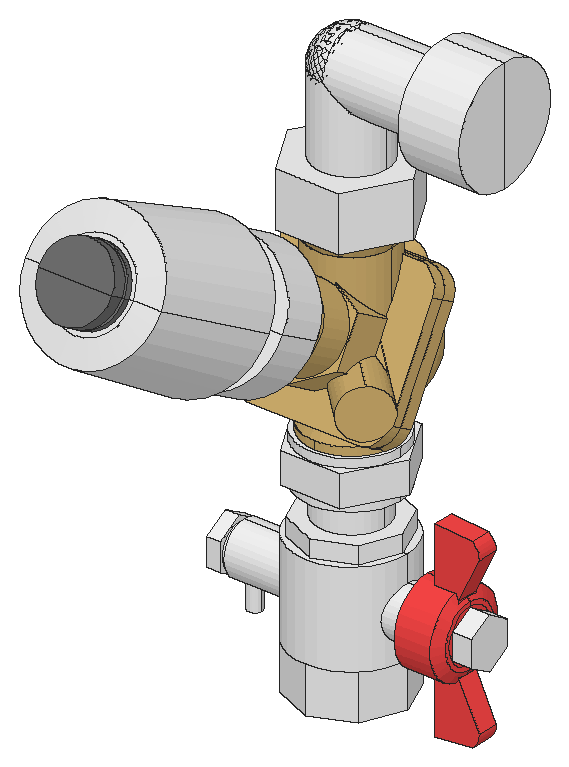
Revit family "AB-PM_DN15-25_Vertical_Part A_TWA-Q_RFA_1", category Pipe Accessories, Revit 2019 (continued)
Definition of nested family "AB-PM_DN10-DN32_External_RFA"
  Dimensions and locks
    plane 9 "246" to plane 8 "247" = 30 mm
    "H_TP": plane 12 "243" to plane 9 "246"
    locked: plane 39 "22" to plane 10 "245"
    locked: plane 41 "242XZ" to plane 11 "244"
    locked: plane 40 "242XY" to plane 12 "243" at 0
    "GAP2": plane 33 "93" to plane 13 "237"
    plane 15 "235" to plane 14 "236" = 30 mm
    "GAP2": plane 16 "234" to plane 15 "235"
    plane 17 "233" to plane 16 "234" = 30 mm
    "H_TP": plane 18 "228" to plane 17 "233"
    locked: plane 43 "204XY" to plane 18 "228"
    locked: plane 44 "204XZ" to plane 19 "227"
    locked: plane 39 "22" to plane 20 "226"
    "H_N2": plane 23 "200" to plane 22 "201"
    "H_A4": plane 24 "199" to plane 23 "200"
    "H_A3": plane 25 "198" to plane 24 "199"
    "H_A2": plane 26 "197" to plane 25 "198"
    "H_Plate": plane 31 "96" to plane 26 "197"
    "H_A": plane 28 "194" to plane 27 "195"
    "H_A1": plane 29 "193" to plane 28 "194"
    "H_Plate": plane 31 "96" to plane 29 "193"
    "GAP": plane 31 "96" to plane 30 "189"
    locked: plane 46 "87XY" to plane 31 "96" at 0
    locked: plane 38 "23" to plane 32 "95"
    locked: plane 48 "87YZ" to plane 33 "93" at 0
    "L3": plane 35 "39" to plane 34 "40"
    "L1_2": plane 39 "22" to plane 36 "37"
    locked: plane 2 "XYPLANE" to plane 37 "24"
    locked: plane 1 "Center (Front/Back)" to plane 38 "23"
    locked: plane 3 "Center (Left/Right)" to plane 39 "22"
    "L_Plate": Extrusion 5 sketch curve to Extrusion 5 sketch curve  (x2)
    Extrusion 5 sketch curve to curve 15 to Extrusion 5 sketch curve = 22.5 mm, 22.5 mm
    Extrusion 5 sketch curve to Extrusion 5 sketch curve = 9.899 mm  (x8)
    "R_N1": curve 16 to Extrusion 7 sketch curve  (x2)
    "R_N1": curve 17 to Extrusion 7 sketch curve  (x2)
    "R_N1": curve 18 to Extrusion 7 sketch curve  (x2)
    Extrusion 7 sketch curve to Extrusion 7 sketch curve = 0 mm  (x12)
    "R_N2": curve 19 to Extrusion 10 sketch curve  (x2)
    "R_N2": curve 20 to Extrusion 10 sketch curve  (x2)
    "R_N2": curve 21 to Extrusion 10 sketch curve  (x2)
    Extrusion 10 sketch curve to Extrusion 10 sketch curve = 0 mm  (x12)
    "L_Plate": Extrusion 11 sketch curve to Extrusion 11 sketch curve  (x2)
    Extrusion 11 sketch curve to curve 22 to Extrusion 11 sketch curve = 22.5 mm, 22.5 mm
    Extrusion 11 sketch curve to Extrusion 11 sketch curve = 9.899 mm  (x8)
    "L1": plane 36 "37" to plane 35 "39"
    equal spacing: Extrusion 5, plane 47 "87XZ", Extrusion 5
    equal spacing: Extrusion 11, plane 47 "87XZ", Extrusion 11
    equal spacing: Extrusion 5 sketch curve, plane 47 "87XZ", Extrusion 5 sketch curve
    equal spacing: Extrusion 11 sketch curve, plane 47 "87XZ", Extrusion 11 sketch curve
    equal spacing: Extrusion 11 sketch curve, plane 48 "87YZ", Extrusion 11 sketch curve
    equal spacing: Extrusion 5 sketch curve, plane 48 "87YZ", Extrusion 5 sketch curve
    "H_A5": plane 21 "202" to plane 22 "201"
    Extrusion 5 to Extrusion 5 = 45 mm
    "A_1": plane 48 "87YZ" to plane 50
    "A_2": plane 48 "87YZ" to plane 52
    "A_3": plane 48 "87YZ" to plane 51
    "R_B1": plane 48 "87YZ" to plane 53 "192"
    "H1": plane 55 "Ref Level 1" to level
    "H": plane 55 "Ref Level 1" to plane 54 "Ref Level 2"
    "L": plane 56 "E1" to plane 57 "E2"
    "L_IT": plane 45 "204YZ" to plane 59
    locked: plane 49 "203" to plane 21 "202" at 33.5
    "H_N1": plane 60 "LN1" to plane 26 "197"
    plane 56 "E1" to plane 57 "E2" = 64.9 mm
    "L2": plane 56 "E1" to plane 58 "38"
    "L2": plane 34 "40" to plane 57 "E2"
    equal spacing: plane 61, plane 1 "Center (Front/Back)", plane 62
    "W": plane 61 to plane 62
    "GAP2": radius of Extrusion 1 sketch curve
    "R_TP": radius of Extrusion 3 sketch curve
    "R_TP": radius of Extrusion 4 sketch curve
    "R_B1": radius of Extrusion 6 sketch curve
    "R_B2": radius of Extrusion 8 sketch curve
    "R_B3": radius of Extrusion 9 sketch curve
    "R_B2": radius of Blend 12 sketch curve
    "R_B3": radius of Blend 12 sketch curve
    "R_V1_1": radius of Extrusion 13 sketch curve
    "R_V1": radius of Blend 14 sketch curve
    "R_V1_1": radius of Blend 14 sketch curve
    "R_V1": radius of Blend 15 sketch curve
    "R_V1_1": radius of Blend 15 sketch curve
    "R_V1": radius of Extrusion 16 sketch curve
    "R_Arc1": radius of Extrusion 11 sketch curve  (x4)
    "R_Arc1": radius of Extrusion 5 sketch curve  (x4)
    "R_Arc2": radius of Revolve 2 sketch curve
    "R_V1_1": radius of Extrusion 18 sketch curve
    "R_IT": radius of Extrusion 19 sketch curve
    "R_V1": radius of Extrusion 20 sketch curve
    locked: curve 4 to curve 3 (angle 60.00°)
    locked: curve 5 to curve 4 (angle 60.00°)
    locked: curve 5 to curve 3 (angle 120.00°)
    locked: curve 7 to curve 6 (angle 60.00°)
    locked: curve 8 to curve 7 (angle 60.00°)
    locked: curve 8 to curve 6 (angle 120.00°)
    locked: curve 10 to curve 9 (angle 60.00°)
    locked: curve 11 to curve 10 (angle 60.00°)
    locked: curve 11 to curve 9 (angle 120.00°)
    locked: curve 13 to curve 12 (angle 60.00°)
    locked: curve 14 to curve 13 (angle 60.00°)
    locked: curve 14 to curve 12 (angle 120.00°)
    locked: curve 17 to curve 16 (angle 60.00°)
    locked: curve 18 to curve 17 (angle 60.00°)
    locked: curve 18 to curve 16 (angle 120.00°)
    locked: curve 20 to curve 19 (angle 60.00°)
    locked: curve 21 to curve 20 (angle 60.00°)
    locked: curve 21 to curve 19 (angle 120.00°)
    aligned and locked: level to plane 2 "XYPLANE"
    aligned and locked: plane 32 "95" to Extrusion 1 sketch curve
    aligned and locked: Extrusion 1 sketch curve to plane 33 "93"
    aligned and locked: plane 28 "194" to curve 2
    aligned and locked: plane 13 "237" to curve 2
    aligned and locked: plane 27 "195" to curve 2
    aligned and locked: plane 13 "237" to Revolve 2 sketch curve
    aligned and locked: plane 27 "195" to Revolve 2 sketch curve
    aligned and locked: plane 28 "194" to Revolve 2 sketch curve  (x2)
    aligned and locked: plane 33 "93" to Revolve 2 sketch curve
    aligned and locked: plane 5 "292" to Extrusion 3 sketch curve
    aligned and locked: plane 11 "244" to Extrusion 3 sketch curve
    aligned and locked: plane 5 "292" to curve 4
    aligned and locked: plane 11 "244" to curve 4
    aligned and locked: plane 5 "292" to curve 7
    aligned and locked: plane 11 "244" to curve 8
    aligned and locked: plane 4 "293" to curve 10
    aligned and locked: plane 19 "227" to curve 11
    aligned and locked: plane 4 "293" to curve 13
    aligned and locked: plane 19 "227" to curve 13
    aligned and locked: plane 4 "293" to Extrusion 4 sketch curve
    aligned and locked: plane 19 "227" to Extrusion 4 sketch curve
    aligned and locked: plane 32 "95" to curve 15
    aligned and locked: curve 15 to plane 33 "93"
    aligned and locked: plane 32 "95" to Extrusion 6 sketch curve
    aligned and locked: Extrusion 6 sketch curve to plane 33 "93"
    aligned and locked: curve 16 to plane 33 "93"
    aligned and locked: plane 32 "95" to curve 17
    aligned and locked: plane 32 "95" to Extrusion 8 sketch curve
    aligned and locked: Extrusion 8 sketch curve to plane 33 "93"
    aligned and locked: plane 32 "95" to Extrusion 9 sketch curve
    aligned and locked: Extrusion 9 sketch curve to plane 33 "93"
    aligned and locked: curve 19 to plane 33 "93"
    aligned and locked: plane 32 "95" to curve 20
    aligned and locked: plane 32 "95" to curve 22
    aligned and locked: curve 22 to plane 33 "93"
    aligned and locked: plane 32 "95" to Blend 12 sketch curve  (x2)
    aligned and locked: Blend 12 sketch curve to plane 33 "93"  (x2)
    aligned and locked: Blend 12 to plane 25 "198"
    aligned and locked: plane 37 "24" to Extrusion 13 sketch curve
    aligned and locked: Extrusion 13 sketch curve to plane 38 "23"
    aligned and locked: plane 37 "24" to Blend 14 sketch curve  (x2)
    aligned and locked: Blend 14 sketch curve to plane 38 "23"  (x2)
    aligned and locked: Blend 14 to plane 35 "39"
    aligned and locked: plane 37 "24" to Blend 15 sketch curve  (x2)
    aligned and locked: Blend 15 sketch curve to plane 38 "23"  (x2)
    aligned and locked: plane 36 "37" to Blend 15
    aligned and locked: plane 37 "24" to Extrusion 16 sketch curve
    aligned and locked: Extrusion 16 sketch curve to plane 38 "23"
    aligned and locked: plane 50 to Revolve 17 sketch curve
    aligned and locked: Extrusion 7 to Revolve 17 sketch curve
    aligned and locked: plane 26 "197" to Revolve 17 sketch curve
    aligned and locked: plane 52 to Revolve 17 sketch curve
    aligned and locked: plane 21 "202" to Revolve 17 sketch curve
    aligned and locked: plane 53 "192" to Revolve 2 sketch curve
    aligned and locked: Blend 15 to plane 58 "38"
    aligned and locked: level to Extrusion 18 sketch curve
    aligned and locked: plane 1 "Center (Front/Back)" to Extrusion 18 sketch curve
    aligned and locked: Revolve 17 sketch curve to plane 33 "93"
    aligned and locked: plane 48 "87YZ" to Revolve 17 sketch curve
    aligned and locked: Revolve 17 sketch curve to plane 48 "87YZ"
    aligned and locked: plane 59 to Extrusion 19 sketch curve
    aligned and locked: plane 47 "87XZ" to Extrusion 19 sketch curve
    aligned and locked: plane 25 "198" to Extrusion 8
    aligned and locked: plane 29 "193" to Extrusion 6
    aligned and locked: Extrusion 18 to Blend 15
    aligned and locked: Extrusion 13 to plane 34 "40"
    aligned and locked: Extrusion 16 to plane 35 "39"
    aligned and locked: Extrusion 16 to plane 36 "37"
    aligned and locked: plane 47 "87XZ" to Extrusion 20 sketch curve
    aligned and locked: level to Extrusion 20 sketch curve
    aligned and locked: Extrusion 20 to plane 34 "40"
    aligned and locked: plane 56 "E1" to nested 1
    aligned and locked: plane 1 "Center (Front/Back)" to nested 1
  Automatic sketch dimensions
    plane 11 "244" to curve 5 = 0.503 mm
    plane 11 "244" to curve 8 = 0.503 mm
    curve 11 to plane 12 "243" = 0.503 mm
    curve 14 to plane 12 "243" = 0.503 mm
    plane 13 "237" to curve 19 = 0.126 mm
    plane 3 "Center (Left/Right)" to curve 1 = 2 mm
    curve 10 to plane 4 "293" = 0 mm
    curve 2 to plane 36 "37" = 2.35 mm
    plane 56 "E1" to Revolve 17 sketch curve = 349.881 mm
    Revolve 17 sketch curve to plane 57 "E2" = 347.119 mm
    plane 36 "37" to Revolve 2 sketch curve = 0.939 mm
    radius of curve 15 = 1 mm
    radius of curve 22 = 1 mm
    radius of curve 1 = 1 mm
  Nested families
    nested 1: "Schematic_DPCV_Actuator" at (-2.05, 0, 0), type "Schematic_DPCV_Actuator", detail levels coarse+medium
      with L_1 25.96 mm, L1 6.49 mm, L 64.9 mm, H4 8.8 mm, H2 32.45 mm, H1 70 mm, D 26.4 mm
  Connectors
    piping at (30.4, 0, 0), diameter 15, driven by "D", driven by "Flow"
      settings: on Extrusion 13, index 4, connector inside diameter 609.6 mm, connector length 0 mm, flow factor 0, pipe flow 0.0 m³/h, pressure drop 0.0 Pa, fitting loss kfactor 0, connector angle 0.00°, fixture units 0, engagement length 0 mm, angle of deflection 0.00°, flow configuration 0, flow direction 0, fitting loss method 0, system type 29, joint type 0, gender type 0, connector reference index 5, connector utility 0, adjustable connector no, is connector primary yes, connector description ""
    piping at (-34.5, 0, 0), diameter 15, driven by "Flow", driven by "D"
      settings: on Extrusion 18, index 5, connector inside diameter 609.6 mm, connector length 0 mm, flow factor 0, pipe flow 0.0 m³/h, pressure drop 0.0 Pa, fitting loss kfactor 0, connector angle 0.00°, fixture units 0, engagement length 0 mm, angle of deflection 0.00°, flow configuration 0, flow direction 0, fitting loss method 0, system type 29, joint type 0, gender type 0, connector reference index 4, connector utility 0, adjustable connector no, is connector primary no, connector description ""
  Definition of nested family "Schematic_DPCV_Actuator"
    Parameters (values of type "Schematic_DPCV_Actuator")
      L_1 = 2 / 5 * L  # 21.2 mm
      L1 = L / 10  # 5.3 mm
      L = 53 mm
      H4 = D / 3  # 6.667 mm
      H2 = L / 2  # 26.5 mm
      H1 = 53 mm
      D = 20 mm
    Reference planes
      plane 1 "Center (Front/Back)": y = 0
      plane 2: z = 0
      plane 3 "Center (Left/Right)": x = 0
      plane 4: x = 10.6
      plane 5: x = -10.6
      plane 6: z = 10
      plane 7: z = -10
      plane 8: z = 53
      plane 9: y = 10
      plane 10: y = -10
      plane 11: y = 53
      plane 12: y = -26.5
      plane 13: z = -26.5
      plane 14: z = -19.833
      plane 15: y = -19.833
      plane 16: z = -13.167
      plane 17: y = -13.167
      plane 18: z = 31.8
      plane 19: y = 31.8
      plane 20: x = -26.5
      plane 21: x = 26.5
      plane 22: x = 31.8
    Lines and regions (mm)
      model lines
        curve 1: line (0, 0, 31.8) -> (0, 0, -13.167)
        curve 2: spline (-10.6, 0, -19.833) -> (-10.239, 0, -21.559) -> (-9.18, 0, -23.167) -> (-7.495, 0, -24.547) -> (-5.3, 0, -25.607) -> (-2.743, 0, -26.273) -> (0, 0, -26.5) -> (2.743, 0, -26.273) -> (5.3, 0, -25.607) -> (7.495, 0, -24.547) -> (9.18, 0, -23.167) -> (10.239, 0, -21.559) -> (10.6, 0, -19.833) -> (10.239, 0, -18.108) -> (9.18, 0, -16.5) -> (7.495, 0, -15.119) -> (5.3, 0, -14.06) -> (2.743, 0, -13.394) -> (0, 0, -13.167) -> (-2.743, 0, -13.394) -> (-5.3, 0, -14.06) -> (-7.495, 0, -15.119) -> (-9.18, 0, -16.5) -> (-10.239, 0, -18.108) -> (-10.6, 0, -19.833)
        curve 3: line (-10.6, 0, -19.833) -> (31.8, 0, -19.833)
        curve 4: line (-10.6, 0, 53) -> (10.6, 0, 53)
        curve 5: line (-10.6, 0, 53) -> (-10.6, 0, 31.8)
        curve 6: line (-10.6, 0, 31.8) -> (10.6, 0, 31.8)
        curve 7: line (10.6, 0, 31.8) -> (10.6, 0, 53)
        curve 15: line (31.8, 0, -19.833) -> (31.8, 0, -13.167)
        curve 17: line (0, 0, 0) -> (26.5, 0, 10)
        curve 18: line (26.5, 0, 10) -> (26.5, 0, -10)
        curve 19: line (26.5, 0, -10) -> (0, 0, 0)
        curve 20: line (0, 0, 0) -> (-26.5, 0, 10)
        curve 21: line (-26.5, 0, 10) -> (-26.5, 0, -10)
        curve 22: line (-26.5, 0, -10) -> (0, 0, 0)
      symbolic lines
        curve 8: line (0, 31.8, 0) -> (0, -13.167, 0)
        curve 9: spline (-10.6, -19.833, 0) -> (-10.239, -21.559, 0) -> (-9.18, -23.167, 0) -> (-7.495, -24.547, 0) -> (-5.3, -25.607, 0) -> (-2.743, -26.273, 0) -> (0, -26.5, 0) -> (2.743, -26.273, 0) -> (5.3, -25.607, 0) -> (7.495, -24.547, 0) -> (9.18, -23.167, 0) -> (10.239, -21.559, 0) -> (10.6, -19.833, 0) -> (10.239, -18.108, 0) -> (9.18, -16.5, 0) -> (7.495, -15.119, 0) -> (5.3, -14.06, 0) -> (2.743, -13.394, 0) -> (0, -13.167, 0) -> (-2.743, -13.394, 0) -> (-5.3, -14.06, 0) -> (-7.495, -15.119, 0) -> (-9.18, -16.5, 0) -> (-10.239, -18.108, 0) -> (-10.6, -19.833, 0)
        curve 10: line (31.8, -19.833, 0) -> (-10.6, -19.833, 0)
        curve 11: line (10.6, 53, 0) -> (-10.6, 53, 0)
        curve 12: line (-10.6, 53, 0) -> (-10.6, 31.8, 0)
        curve 13: line (-10.6, 31.8, 0) -> (10.6, 31.8, 0)
        curve 14: line (10.6, 31.8, 0) -> (10.6, 53, 0)
        curve 16: line (31.8, -19.833, 0) -> (31.8, -13.167, 0)
        curve 23: line (0, 0, 0) -> (-26.5, 10, 0)
        curve 24: line (-26.5, 10, 0) -> (-26.5, -10, 0)
        curve 25: line (-26.5, -10, 0) -> (0, 0, 0)
        curve 26: line (0, 0, 0) -> (26.5, 10, 0)
        curve 27: line (26.5, 10, 0) -> (26.5, -10, 0)
        curve 28: line (26.5, -10, 0) -> (0, 0, 0)
    Dimensions and locks
      equal spacing: plane 4, plane 3 "Center (Left/Right)", plane 5
      "D": plane 6 to plane 7
      equal spacing: plane 6, level, plane 7
      "D": plane 10 to plane 9
      equal spacing: plane 10, plane 1 "Center (Front/Back)", plane 9
      "H1": plane 1 "Center (Front/Back)" to plane 11
      "H2": plane 12 to plane 1 "Center (Front/Back)"
      "H1": plane 8 to level
      "H2": level to plane 13
      "H4": plane 14 to plane 13
      "H4": plane 12 to plane 15
      equal spacing: plane 12, plane 15, plane 17
      "L_1": plane 4 to plane 5
      "L_1": plane 8 to plane 18
      "L_1": plane 19 to plane 11
      equal spacing: plane 16, plane 14, plane 13
      "L": plane 21 to plane 20
      "L1": plane 22 to plane 21
      equal spacing: plane 21, plane 3 "Center (Left/Right)", plane 20
      aligned and locked: level to plane 2
      aligned and locked: plane 16 to curve 2
      aligned and locked: plane 13 to curve 2
      aligned and locked: plane 4 to curve 2
      aligned and locked: plane 5 to curve 2
      aligned and locked: plane 5 to curve 4
      aligned and locked: plane 4 to curve 4
      aligned and locked: plane 15 to curve 9
      aligned and locked: plane 3 "Center (Left/Right)" to curve 9
      aligned and locked: plane 17 to curve 9
      aligned and locked: plane 16 to curve 15
      aligned and locked: plane 17 to curve 16
      aligned and locked: plane 22 to curve 16
      aligned and locked: plane 22 to curve 15
      aligned and locked: curve 21 to plane 20
      aligned and locked: curve 18 to plane 21
    Automatic sketch dimensions
      curve 21 to plane 6 = 0 mm
      curve 22 to plane 7 = 0 mm
      curve 1 to plane 3 "Center (Left/Right)" = 0 mm
      curve 22 to level = 0 mm
      curve 17 to plane 6 = 0 mm
      curve 3 to plane 14 = 0 mm
      curve 18 to plane 7 = 0 mm
      curve 17 to level = 0 mm
      curve 20 to level = 0 mm
      curve 6 to plane 18 = 0 mm
      curve 4 to plane 8 = 0 mm
      plane 9 to curve 24 = 0 mm
      curve 9 to plane 5 = 0 mm
      curve 13 to plane 5 = 0 mm
      plane 1 "Center (Front/Back)" to curve 26 = 0 mm
      curve 14 to plane 4 = 0 mm
      plane 15 to curve 10 = 0 mm
      plane 19 to curve 13 = 0 mm
      plane 11 to curve 11 = 0 mm
      plane 1 "Center (Front/Back)" to curve 23 = 0 mm
      plane 10 to curve 24 = 0 mm
      plane 9 to curve 27 = 0 mm
      curve 28 to plane 3 "Center (Left/Right)" = 0 mm
      plane 10 to curve 28 = 0 mm
      curve 24 to plane 20 = 0 mm
      curve 28 to plane 21 = 0 mm
Definition of nested family "TWA-Q_RFA"
  Parameters (values of type "TWA-Q_230 V_NC_1.2m_082F1600")
    Weight = 0.15 kg
    W = Da_2 * 2  # 44 mm
    Voltage [instance] = 230 V
    URL = "https://store.danfoss.com/en/Climate-Solutions-for-heating/Hydronic-Balancing-and-Control/Pressure-independent-balancing-and-control/Actuators/Thermal-actuators/c/7000?q=%3Arelevance%3Adanfoss_producttypehierarchydesc%3A1cc2bbeba637399f5c2425cac9114b6c15ac6185&text="
    Power [instance] = 2 VA
    Model Type = "TWA-Q_230 V_NC_1.2m"
    Model = "082F1600"
    Min Ambient Temperature = "2 °C"  # constant formula
    Max Medium Temperature = "95 °C"  # constant formula
    Max Ambient Temperature = "60 °C"  # constant formula
    Manufacturer = "Danfoss"  # constant formula
    LOD 350 [instance] = not(LOD 200)  # yes
    LOD 200 [instance] = no
    L = Da_2 * 2  # 44 mm
    IfcExportType = "TWA-Q"  # constant formula
    IfcExportAs = "IfcActuatorType"  # constant formula
    Hb = 23.6 mm  # constant formula
    Ha = 60 mm  # constant formula
    H = 74 mm
    Function = "NC"
    Full Stroke Time = "< 3 mins"  # constant formula
    Description = "Thermal Actuator"  # constant formula
    Da_2 = 22 mm  # constant formula
    D_2 = 19.5 mm  # constant formula
    Control Input Signal = "On/Off and PWM"  # constant formula
    Closing Force = "100-120 N"  # constant formula
    Cable Material = "PVC"
    Cable Length = 1200 mm
    Body Material = none
    Actuator Travel Distance = "5 mm"  # constant formula
  Types (10, lengths in mm): name | Weight | Voltage | Model Type | Model | H | Function | Cable Material | Cable Length
    TWA-Q_230 V_NC_1.2m_082F1600 | 0.15 kg | 230 V | "TWA-Q_230 V_NC_1.2m" | "082F1600" | 74 | "NC" | "PVC" | 1200
    TWA-Q_230 V_NO_1.2m_082F1601 | 0.15 kg | 230 V | "TWA-Q_230 V_NO_1.2m" | "082F1601" | 72.5 | "NO" | "PVC" | 1200
    TWA-Q_24 V_NC_1.2m_082F1602 | 0.15 kg | 24 V | "TWA-Q_24 V_NC_1.2m" | "082F1602" | 74 | "NC" | "PVC" | 1200
    TWA-Q_24 V_NO_1.2m_082F1603 | 0.15 kg | 24 V | "TWA-Q_24 V_NO_1.2m" | "082F1603" | 72.5 | "NO" | "PVC" | 1200
    TWA-Q_230 V_NC_5m_082F1604 | 0.375 kg | 230 V | "TWA-Q_230 V_NC_5m" | "082F1604" | 74 | "NC" | "PVC" | 5000
    TWA-Q_24 V_NC_5m_082F1605 | 0.375 kg | 24 V | "TWA-Q_24 V_NC_5m" | "082F1605" | 74 | "NC" | "PVC" | 5000
    TWA-Q_230 V_NC_2m_082F1610 | 0.15 kg | 230 V | "TWA-Q_230 V_NC_2m" | "082F1610" | 74 | "NC" | "Halogen free" | 2000
    TWA-Q_24 V_NC_2m_082F1611 | 0.15 kg | 24 V | "TWA-Q_24 V_NC_2m" | "082F1611" | 74 | "NC" | "Halogen free" | 2000
    TWA-Q_230 V_NC_2.5m_082F1606 | 2.333 kg | 230 V | "TWA-Q_230 V_NC_2.5m" | "082F1606" | 74 | "NC" | "Halogen free" | 2500
    TWA-Q_24 V_NC_2.5m_082F1607 | 2.333 kg | 24 V | "TWA-Q_24 V_NC_2.5m" | "082F1607" | 74 | "NC" | "Halogen free" | 2500
  Reference planes
    plane 1 "Center (Front/Back)": y = 0
    plane 2: z = 0
    plane 3 "Center (Left/Right)": x = 0
    plane 4: z = 14
    plane 5: z = 74
    plane 6: y = -22
    plane 7: y = 22
    plane 8: z = 23.6
    plane 9: x = -22
    plane 10: x = 22
    plane 11: x = -20
    plane 12: x = 21
    plane 13: x = -19.5
    plane 14: x = 19.5
    plane 15: x = -10.8
    plane 16: x = -12.7
    plane 17: z = 67
  Forms (mm)
    Revolve 1, solid, material <- "Body Material", visible <- "LOD 350", detail levels fine
      sketch origin (0, 0, 0) x (1, 0, 0) y (0, 0, 1)
        loop
          line (-12.284, 67) -> (-20, 66.288) -> (-22, 23.6) -> (-11.6, 23.6) -> (-11.6, 22.134) -> (-12.689, 14) -> (-19.5, 14) -> (-19.5, 0) -> (0, 0) -> (0, 67) -> (-12.284, 67)
        axis (0, 67) -> (0, 0)
      angle from 0 to 360
    Revolve 2, solid, visible <- "LOD 350", detail levels fine
      sketch origin (0, 0, 0) x (1, 0, 0) y (0, 0, 1)
        loop
          line (0, 74) -> (-10.8, 74) -> (-10.8, 70) -> (-9.759, 70) -> (-9.759, 68.63) -> (-10.8, 68.63) -> (-10.8, 64.63) -> (0, 64.63) -> (0, 74)
        axis (0, 74) -> (0, 64.63)
      angle from 0 to 360
    Revolve 3, solid, material <- "Body Material", visible <- "LOD 200", detail levels fine
      sketch origin (0, 0, 0) x (1, 0, 0) y (0, 0, 1)
        loop
          line (0, 67) -> (-22, 67) -> (-22, 23.6) -> (-12.7, 23.6) -> (-12.7, 14) -> (-22, 14) -> (-22, 0) -> (0, 0) -> (0, 67)
        axis (0, 67) -> (0, 0)
      angle from 0 to 360
    Extrusion 4, solid, visible <- "LOD 200", detail levels fine
      sketch origin (0, 0, 0) x (1, 0, 0) y (0, 1, 0)
        loop
          circle (0, 0) r 10.8
      from 67 to 74
  Dimensions and locks
    "H": plane 5 to level
    "Ha": plane 5 to plane 4
    "Da_2": plane 7 to plane 1 "Center (Front/Back)" to plane 6
    "Da_2": plane 9 to plane 3 "Center (Left/Right)" to plane 10
    "D_2": plane 13 to plane 3 "Center (Left/Right)"
    "Hb": plane 8 to level
    Revolve 1 sketch curve to Revolve 1 sketch curve = 14 mm
    Revolve 1 sketch curve to Revolve 1 sketch curve = 9.6 mm
    plane 3 "Center (Left/Right)" to Revolve 1 sketch curve = 12.284 mm
    plane 11 to plane 3 "Center (Left/Right)" = 20 mm
    plane 3 "Center (Left/Right)" to Revolve 1 sketch curve = 12.689 mm
    Revolve 1 sketch curve to plane 3 "Center (Left/Right)" = 11.6 mm
    locked: Revolve 2 sketch curve to Revolve 2 sketch curve at 4  (x2)
    locked: plane 5 to Revolve 2 sketch curve at 9.37
    locked: plane 3 "Center (Left/Right)" to plane 16 at 12.7
    locked: plane 3 "Center (Left/Right)" to plane 15 at 10.8
    locked: plane 17 to plane 8 at 43.4
    radius of Extrusion 4 sketch curve = 10.8 mm
    aligned and locked: level to plane 2
    aligned and locked: Revolve 2 sketch curve to plane 15  (x2)
    aligned and locked: plane 17 to Revolve 1 sketch curve
    aligned and locked: Revolve 3 sketch curve to plane 3 "Center (Left/Right)"
    aligned and locked: Revolve 3 sketch curve to plane 17
    aligned and locked: Revolve 3 sketch curve to plane 9  (x2)
    aligned and locked: Revolve 3 sketch curve to Revolve 1
    aligned and locked: Revolve 3 sketch curve to plane 16
    aligned and locked: Revolve 3 sketch curve to plane 4
    aligned and locked: Revolve 3 sketch curve to level
    aligned and locked: Revolve 3 sketch curve to Revolve 3 sketch curve  (x2)
    aligned and locked: plane 5 to Extrusion 4
    aligned and locked: Extrusion 4 to plane 17
  Automatic sketch dimensions
    Revolve 2 sketch curve to plane 5 = 0 mm  (x2)
    Revolve 2 sketch curve to plane 3 "Center (Left/Right)" = 0 mm  (x2)
    Revolve 2 sketch curve to Revolve 2 sketch curve = 0 mm
    plane 15 to Revolve 2 sketch curve = 1.041 mm
    Revolve 3 sketch curve to level = 0 mm
    plane 1 "Center (Front/Back)" to Extrusion 4 sketch curve = 0 mm
    Extrusion 4 sketch curve to plane 3 "Center (Left/Right)" = 0 mm
    Revolve 1 sketch curve to plane 8 = 0 mm
    plane 9 to Revolve 1 sketch curve = 0 mm
    plane 11 to Revolve 1 sketch curve = 0 mm
    plane 13 to Revolve 1 sketch curve = 0 mm
    Revolve 1 sketch curve to plane 3 "Center (Left/Right)" = 0 mm  (x2)
    Revolve 1 sketch curve to level = 0 mm
    Revolve 1 sketch curve to plane 5 = 0 mm
    Revolve 1 sketch curve to Revolve 1 sketch curve = 1.466 mm
    Revolve 1 sketch curve to plane 17 = 0.712 mm
Types (6, lengths in mm): name | Nominal Flow (Text) | Nominal Flow | Ha | h3 | h2 | h1 | Weight | W | Stroke | Model Type | Model | Min Differential Pressure | Max Pressure at Zero Load | L4 | L | H | DN | D | Ball valve type | Angle tube type | AB-PM type
  AB-PM_DN25HP_Vertical_Part A_003Z1475 | "1200 l/h" | 1.2 m³/h | 117.1 | 52 | 94 | 69 | 3.02 kg | 80.3 | "4.5 mm" | "AB-PM_DN25_Vertical_Part A" | "003Z1474" | "18 kPa" | "22 kPa" | 36.5 | 215 | 156.779 | 32 | 32 | Valve_V_A : DN_25 | Angle tube connection : DN_25 | AB-PM_DN10-DN32_External_RFA : AB-PM_DN25_External_003Z1404
  AB-PM_DN25_Vertical_Part A_003Z1474 | "1200 l/h" | 1.2 m³/h | 117.1 | 52 | 94 | 69 | 3.02 kg | 80.3 | "4.5 mm" | "AB-PM_DN25_Vertical_Part A" | "003Z1474" | "18 kPa" | "22 kPa" | 36.5 | 215 | 156.779 | 32 | 32 | Valve_V_A : DN_25 | Angle tube connection : DN_25 | AB-PM_DN10-DN32_External_RFA : AB-PM_DN25_External_003Z1404
  AB-PM_DN20HP_Vertical_Part A_003Z1473 | "600 l/h" | 0.6 m³/h | 109 | 41 | 73 | 62 | 2.03 kg | 78.8 | "2.25 mm" | "AB-PM_DN20HP_Vertical_Part A" | "003Z1473" | "28 kPa" | "35 kPa" | 35 | 176 | 139.84 | 25 | 25 | Valve_V_A : DN_20 | Angle tube connection : DN_20 | AB-PM_DN10-DN32_External_RFA : AB-PM_DN20 HP_External_003Z1413
  AB-PM_DN20_Vertical_Part A_003Z1472 | "600 l/h" | 0.6 m³/h | 109 | 41 | 73 | 62 | 2.03 kg | 78.8 | "2.25 mm" | "AB-PM_DN20_Vertical_Part A" | "003Z1472" | "18 kPa" | "22 kPa" | 35 | 176 | 140 | 25 | 25 | Valve_V_A : DN_20 | Angle tube connection : DN_20 | AB-PM_DN10-DN32_External_RFA : AB-PM_DN20_External_003Z1403
  AB-PM_DN15HP_Vertical_Part A_003Z1471 | "300 l/h" | 0.3 m³/h | 107 | 39.5 | 60 | 64.3 | 1.79 kg | 82 | "2.25 mm" | "AB-PM_DN15HP_Vertical_Part A" | "003Z1471" | "28 kPa" | "35 kPa" | 45 | 163.8 | 131.775 | 20 | 20 | Valve_V_A : DN_15 | Angle tube connection : DN_15 | AB-PM_DN10-DN32_External_RFA : AB-PM_DN15_External_003Z1402
  AB-PM_DN15_Vertical_Part A_003Z1470 | "300 l/h" | 0.3 m³/h | 107 | 39.5 | 60 | 64.3 | 1.79 kg | 82 | "2.25 mm" | "AB-PM_DN15_Vertical_Part A" | "003Z1470" | "18 kPa" | "22 kPa" | 45 | 163.8 | 131.668 | 20 | 20 | Valve_V_A : DN_15 | Angle tube connection : DN_15 | AB-PM_DN10-DN32_External_RFA : AB-PM_DN15_External_003Z1402
